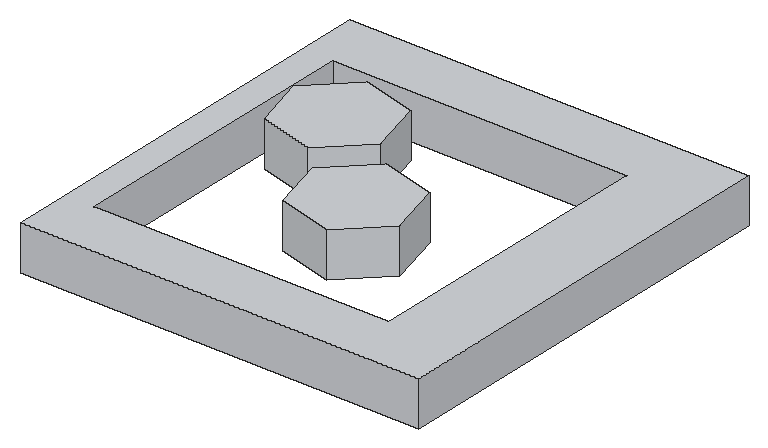
Revit family "Семейство не общее", category Обобщенные модели, Revit 2017
Family settings
  Может служить основой для арматурных стержней = Нет
  Размер круглого соединителя = Использовать диаметр
  Тип детали = Нормальный
  На основе рабочей плоскости = Нет
  Всегда вертикально = Да
  При загрузке вырезать с полостями = Нет
  Общий = Нет
  Точка расчета площади = Нет
Reference planes
  plane 1 "По центру (Вперед/Назад)": y = 0
  plane 2: z = 0
  plane 3 "По центру (Влево/Вправо)": x = 0
Forms (mm)
  Extrusion 1, solid
    sketch origin (0, 0, 0) x (1, 0, 0) y (0, 1, 0)
      loop
        line (-917.11, 990.352) -> (-917.11, -669.648) -> (722.89, -669.648) -> (722.89, 990.352) -> (-917.11, 990.352)
      loop
        line (-1082.7, 1321.53) -> (-1082.7, -978.47) -> (1137.3, -978.47) -> (1137.3, 1321.53) -> (-1082.7, 1321.53)
    from 0 to 250
Dimensions and locks
  aligned and locked: level to plane 2
Nested families
  nested 1: "Семейство общее" at (-80, 110.352, 0), type "Семейство общее"
  nested 2: "Семейство общее" at (-600, 630.352, 0), type "Семейство общее"
Definition of nested family "Семейство общее"
  Reference planes
    plane 1 "По центру (Вперед/Назад)": y = 0
    plane 2: z = 0
    plane 3 "По центру (Влево/Вправо)": x = 0
  Forms (mm)
    Extrusion 1, solid
      sketch origin (0, 0, 0) x (1, 0, 0) y (0, 1, 0)
        loop
          line (226.274, 226.274) -> (-82.822, 309.096) -> (-309.096, 82.822) -> (-226.274, -226.274) -> (82.822, -309.096) -> (309.096, -82.822) -> (226.274, 226.274)
      from 0 to 250
  Dimensions and locks
    aligned and locked: level to plane 2
